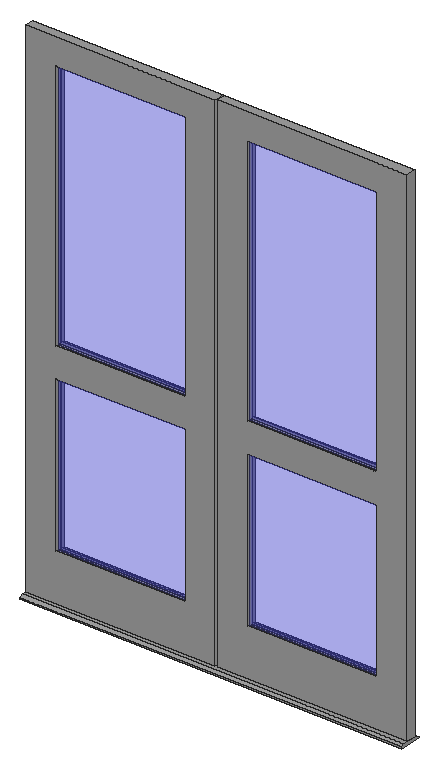
Revit family "WS-500 DOOR-Double-VIP-1-PD-SF_v05", category Curtain Panels, Revit 2015
Parameters
  Width [instance] = 6' - 2"
  VIP1 Panic Devices [instance] = no
  URL = "obe.com"
  Rough Width [instance] = 6' - 0"
  Offset [instance] = 0' - 0"
  Model = "WS-500 DOOR"
  Min Panel Width [instance] = if(Rough Width > 5' 11 255/256", Rough Width, 6' 0")  # 6' - 0"
  Manufacturer = "Oldcastle BuildingEnvelope®"
  Keynote = "08 11 00"
  Height [instance] = 8' - 0"
  Pushbar Height [instance] = 3' - 5 1/4"  # constant formula
  Glass Material = Glass
  Frame Material = Aluminum
  Door Panel Height [instance] = Height + 0' 0 13/32"  # 8' - 0 13/32"
  Description = "WS-500 - 1\" Door Infill"
  Assembly Code = "B2030\r\n"
  Analytic Construction = "<None>"
  8 Bottom Rail [instance] = yes
Reference planes (in)
  plane 1 "Front": y = 0
  plane 2: z = 0
  plane 3 "Center (Left/Right)": x = 0
  plane 4 "Left": x = -37
  plane 5 "Right": x = 37
  plane 6 "Top": z = 96
  plane 7: x = -36
  plane 8: x = 36
Text (in)
  text "Exterior" at (-54.29358, 31.38743, 0), in view "Ref. Level"
  text "Exterior" at (480, 41.53993, 89.60405), in view "Right"
  text "Exterior" at (-240, 57.82419, 105.78864), in view "Left"
Dimensions and locks (in)
  equal spacing: plane 4 "Left", plane 3 "Center (Left/Right)", plane 5 "Right"
  "Width": plane 4 "Left" to plane 5 "Right"
  "Height": plane 6 "Top" to plane 2
  equal spacing: plane 7, plane 3 "Center (Left/Right)", plane 8
  "Min Panel Width": plane 7 to plane 8
  aligned and locked: level to plane 2
  aligned and locked: plane 3 "Center (Left/Right)" to nested 1
  aligned and locked: nested 1 to plane 1 "Front"
Nested families (in)
  nested 1: "WS-500 DOOR-Double-VIP-1-PD-Panel_v04" at (0, -16, 0) x (-1, 0, 0) z (0, 0, 1), VIP1 Panic Devices <- "VIP1 Panic Devices", 8 Bottom Rail <- "8 Bottom Rail", Height <- "Door Panel Height", Width <- "Min Panel Width", Offset <- "Offset", type "WS-500 DOOR-Double-VIP-1-PD-Panel_v04"
    with Wing Width 3' - 0", built-in parameter 1001301 6' - 0", VIP2 Panic Devices yes, VIP1 Panic Devices no, Pushbar Height 3' - 5 1/4", Offset 0' - 0", built-in parameter 1001300 8' - 0 13/32", Glass at Muntin 0' - 4 15/16", Glass Material Glass, Frame Material Aluminum, Bottom Rail 0' - 9 5/32", 8 Bottom Rail yes, 10 Bottom Rail no
Definition of nested family "WS-500 DOOR-Double-VIP-1-PD-Panel_v04"
  Parameters (values of type "WS-500 DOOR-Double-VIP-1-PD-Panel_v04")
    Wing Width [instance] = Width / 2  # 3' - 0"
    Width [instance] = 6' - 0"
    VIP2 Panic Devices [instance] = not(VIP1 Panic Devices)  # no
    VIP1 Panic Devices [instance] = yes
    Offset [instance] = 0' - 10 29/32"
    Height [instance] = 8' - 0"
    Glass at Muntin [instance] = if(VIP1 Panic Devices, 0' 8 15/16", 0' 4 15/16")  # 0' - 8 15/16"
    Pushbar Height [instance] = 3' - 5 1/4"  # constant formula
    Glass Material [instance] = none
    Frame Material [instance] = none
    Bottom Rail [instance] = if([8 Bottom Rail], 0' 9 5/32", 0' 11 5/32")  # 0' - 9 5/32"
    Analytic Construction = "<None>"
    8 Bottom Rail [instance] = yes
    10 Bottom Rail [instance] = not([8 Bottom Rail])  # no
  Reference planes (in)
    plane 1 "Offset": y = 4.09375
    plane 2: z = 0
    plane 3 "Center (Left/Right)": x = 0
    plane 4: z = 96
    plane 5: x = 36
    plane 6: x = -36
    plane 7 "Center (Front/Back)": y = 16
    plane 8 "Exterior": y = 4.59375
    plane 9: z = 48
    plane 10: z = 36.78125
    plane 11: z = 45.71875
    plane 12: z = 91
    plane 13: z = 9.15625
    plane 14: y = 5.09375
    plane 15: z = 41.25
  Forms (in)
    Sweep 1, solid, material <- "Frame Material"
      path origin (0, 4.09375, 0) x (1, 0, 0) y (0, 0, 1)
        loop
          line (-35.798, 96) -> (-0.22004, 96)
      profile origin (-18.00902, 4.09375, 96) x (0, 0, 1) y (0, -1, 0)
        loop
          line (-0.40625, -0.875) -> (-0.40625, 0.875) -> (-5.28125, 0.875) -> (-5.28125, 0.5) -> (-5, 0.5) -> (-5, -0.5) -> (-5.28125, -0.5) -> (-5.28125, -0.875) -> (-0.40625, -0.875)
    Sweep 2, solid, material <- "Frame Material"
      path origin (0, 4.09375, 0) x (1, 0, 0) y (0, 0, 1)
        loop
          line (-0.22004, 0) -> (-35.798, 0)
      profile origin (-18.00902, 4.09375, 0) x (0, 0, -1) y (0, -1, 0)
        loop
          line (-9.4375, -0.875) -> (-0.6875, -0.875) -> (-0.6875, 0.875) -> (-9.4375, 0.875) -> (-9.4375, 0.5) -> (-9.15625, 0.5) -> (-9.15625, -0.5) -> (-9.4375, -0.5) -> (-9.4375, -0.875)
    Sweep 3, solid, material <- "Frame Material"
      path origin (0, 4.09375, 0) x (1, 0, 0) y (0, 0, 1)
        loop
          line (36, 95.59375) -> (36, 0.6875)
      profile origin (36, 4.09375, 48.14062) x (0, -1, 0) y (1, 0, 0)
        loop
          line (-0.875, -0.093) -> (-0.875, -5.843) -> (-0.5, -5.843) -> (-0.5, -5.56175) -> (0.5, -5.56175) -> (0.5, -5.843) -> (0.875, -5.843) -> (0.875, -0.202) -> (-0.875, -0.093)
    Sweep 4, solid, material <- "Frame Material"
      path origin (0, 4.09375, 0) x (1, 0, 0) y (0, 0, 1)
        loop
          line (-36, 95.59375) -> (-36, 0.6875)
      profile origin (-36, 4.09375, 48.14062) x (0, -1, 0) y (1, 0, 0)
        loop
          line (-0.875, 0.093) -> (0.875, 0.202) -> (0.875, 5.843) -> (0.5, 5.843) -> (0.5, 5.56175) -> (-0.5, 5.56175) -> (-0.5, 5.843) -> (-0.875, 5.843) -> (-0.875, 0.093)
    Sweep 5, solid, material <- "Frame Material"
      path origin (0, 4.09375, 0) x (1, 0, 0) y (0, 0, 1)
        loop
          line (-5.53125, 48) -> (-30.43825, 48)
      profile origin (-17.98475, 4.09375, 48) x (0, 0, -1) y (0, -1, 0)
        loop
          line (11.5, -0.875) -> (11.5, -0.5) -> (11.21875, -0.5) -> (11.21875, 0.5) -> (11.5, 0.5) -> (11.5, 0.875) -> (2, 0.875) -> (2, 0.5) -> (2.28125, 0.5) -> (2.28125, -0.5) -> (2, -0.5) -> (2, -0.875) -> (11.5, -0.875)
    Sweep 6, solid, material <- "Frame Material"
      path origin (0, 4.09375, 0) x (1, 0, 0) y (0, 0, 1)
        loop
          line (0, 95.59375) -> (0, 0.6875)
      profile origin (0, 4.09375, 48.14062) x (0, -1, 0) y (1, 0, 0)
        loop
          line (-0.875, -0.22063) -> (-0.875, -5.8125) -> (-0.5, -5.8125) -> (-0.5, -5.53125) -> (0.5, -5.53125) -> (0.5, -5.8125) -> (0.875, -5.8125) -> (0.875, -0.22063)
          arc (0.875, -0.22063) -> (0, -0.0625) -> (-0.875, -0.22063) r 2.5
        loop
          line (0.875, 5.8125) -> (0.5, 5.8125) -> (0.5, 5.53125) -> (-0.5, 5.53125) -> (-0.5, 5.8125) -> (-0.875, 5.8125) -> (-0.875, 0.22063)
          arc (-0.875, 0.22063) -> (0, 0.0625) -> (0.875, 0.22063) r 2.5
          line (0.875, 0.22063) -> (0.875, 5.8125)
    Sweep 7, solid, material <- "Frame Material"
      path origin (0, 4.09375, 0) x (1, 0, 0) y (0, 0, 1)
        loop
          line (0.22004, 96) -> (35.798, 96)
      profile origin (18.00902, 4.09375, 96) x (0, 0, 1) y (0, -1, 0)
        loop
          line (-0.40625, -0.875) -> (-0.40625, 0.875) -> (-5.28125, 0.875) -> (-5.28125, 0.5) -> (-5, 0.5) -> (-5, -0.5) -> (-5.28125, -0.5) -> (-5.28125, -0.875) -> (-0.40625, -0.875)
    Sweep 8, solid, material <- "Frame Material"
      path origin (0, 4.09375, 0) x (1, 0, 0) y (0, 0, 1)
        loop
          line (30.43825, 48) -> (5.53125, 48)
      profile origin (17.98475, 4.09375, 48) x (0, 0, -1) y (0, -1, 0)
        loop
          line (11.5, -0.875) -> (11.5, -0.5) -> (11.21875, -0.5) -> (11.21875, 0.5) -> (11.5, 0.5) -> (11.5, 0.875) -> (2, 0.875) -> (2, 0.5) -> (2.28125, 0.5) -> (2.28125, -0.5) -> (2, -0.5) -> (2, -0.875) -> (11.5, -0.875)
    Sweep 9, solid, material <- "Frame Material"
      path origin (0, 4.09375, 0) x (1, 0, 0) y (0, 0, 1)
        loop
          line (35.798, 0) -> (0.22004, 0)
      profile origin (18.00902, 4.09375, 0) x (0, 0, -1) y (0, -1, 0)
        loop
          line (-9.4375, -0.5) -> (-9.4375, -0.875) -> (-0.6875, -0.875) -> (-0.6875, 0.875) -> (-9.4375, 0.875) -> (-9.4375, 0.5) -> (-9.15625, 0.5) -> (-9.15625, -0.5) -> (-9.4375, -0.5)
    Extrusion 10, solid, material <- "Glass Material", detail levels coarse
      sketch origin (0, 0, 0) x (1, 0, 0) y (0, 1, 0)
        loop
          line (-30.43825, 4.59375) -> (-30.43825, 3.59375) -> (-5.53125, 3.59375) -> (-5.53125, 4.59375) -> (-30.43825, 4.59375)
      from 9.15625 to 36.78125
    Extrusion 11, solid, material <- "Glass Material", detail levels coarse
      sketch origin (0.31207, 0, 0) x (1, 0, 0) y (0, 1, 0)
        loop
          line (5.53125, 4.59375) -> (5.53125, 3.59375) -> (30.12618, 3.59375) -> (30.12618, 4.59375) -> (5.53125, 4.59375)
      from 9.15625 to 36.78125
    Extrusion 12, solid, material <- "Glass Material", detail levels coarse
      sketch origin (0, 0, 0) x (1, 0, 0) y (0, 1, 0)
        loop
          line (-5.53125, 4.59375) -> (-30.43825, 4.59375) -> (-30.43825, 3.59375) -> (-5.53125, 3.59375) -> (-5.53125, 4.59375)
      from 45.71875 to 91
    Extrusion 13, solid, material <- "Glass Material", detail levels coarse
      sketch origin (0, 0, 0) x (1, 0, 0) y (0, 1, 0)
        loop
          line (30.43825, 4.59375) -> (5.53125, 4.59375) -> (5.53125, 3.59375) -> (30.43825, 3.59375) -> (30.43825, 4.59375)
      from 45.71875 to 91
    Extrusion 14, solid, material <- "Glass Material", detail levels medium+fine
      sketch origin (0, 0, 0) x (1, 0, 0) y (0, 1, 0)
        loop
          line (5.53125, 3.59375) -> (30.43825, 3.59375) -> (30.43825, 3.84175) -> (5.53125, 3.84175) -> (5.53125, 3.59375)
        loop
          line (30.43825, 4.59375) -> (5.53125, 4.59375) -> (5.53125, 4.34575) -> (30.43825, 4.34575) -> (30.43825, 4.59375)
      from 9.15625 to 36.78125
    Extrusion 15, solid, material <- "Glass Material", detail levels medium+fine
      sketch origin (0, 0, 0) x (1, 0, 0) y (0, 1, 0)
        loop
          line (30.43825, 3.59375) -> (30.43825, 3.84175) -> (5.53125, 3.84175) -> (5.53125, 3.59375) -> (30.43825, 3.59375)
        loop
          line (5.53125, 4.59375) -> (5.53125, 4.34575) -> (30.43825, 4.34575) -> (30.43825, 4.59375) -> (5.53125, 4.59375)
      from 45.71875 to 91
    Extrusion 16, solid, material <- "Glass Material", detail levels medium+fine
      sketch origin (0, 0, 0) x (1, 0, 0) y (0, 1, 0)
        loop
          line (-5.53125, 3.59375) -> (-5.53125, 3.84175) -> (-30.43825, 3.84175) -> (-30.43825, 3.59375) -> (-5.53125, 3.59375)
        loop
          line (-30.43825, 4.59375) -> (-30.43825, 4.34575) -> (-5.53125, 4.34575) -> (-5.53125, 4.59375) -> (-30.43825, 4.59375)
      from 45.71875 to 91
    Extrusion 17, solid, material <- "Glass Material", detail levels medium+fine
      sketch origin (0, 0, 0) x (1, 0, 0) y (0, 1, 0)
        loop
          line (-30.43825, 3.59375) -> (-5.53125, 3.59375) -> (-5.53125, 3.84175) -> (-30.43825, 3.84175) -> (-30.43825, 3.59375)
        loop
          line (-5.53125, 4.59375) -> (-30.43825, 4.59375) -> (-30.43825, 4.34575) -> (-5.53125, 4.34575) -> (-5.53125, 4.59375)
      from 9.15625 to 36.78125
    Sweep 18, solid, material <- "Frame Material"
      path origin (0, 4.09375, 0) x (1, 0, 0) y (0, 0, 1)
        loop
          line (-35.79762, 0) -> (35.79763, 0)
      profile origin (0, 4.09375, 0) x (0, 0, 1) y (0, -1, 0)
        loop
          line (0.5, -1.1555) -> (0.5, 1.5305) -> (0.19364, 2.1875) -> (0, 2.1875) -> (0, -1.8125) -> (0.19364, -1.8125) -> (0.5, -1.1555)
  Cuts and joins
    joined: Sweep 1, Sweep 2, Sweep 3, Sweep 4, Sweep 5, Sweep 6, Sweep 7, Sweep 8, Sweep 9
  Lines and regions (in)
    model lines
      curve 1: line (5.53125, 4.59375, 91) -> (30.53125, 4.59375, 48)
      curve 2: line (30.53125, 4.59375, 48) -> (5.53125, 4.59375, 9.15625)
      curve 3: line (-5.53125, 4.59375, 91) -> (-30.53125, 4.59375, 48)
      curve 4: line (-30.53125, 4.59375, 48) -> (-5.53125, 4.59375, 9.15625)
  Dimensions and locks (in)
    "Height": plane 4 to level
    "Width": plane 6 to plane 5
    "Offset": plane 14 to plane 7 "Center (Front/Back)"
    equal spacing: level, plane 9, plane 4
    locked: Sweep 2 sketch curve to plane 6 at 0.202
    locked: plane 3 "Center (Left/Right)" to Sweep 2 sketch curve at 0.22004
    locked: Sweep 3 sketch curve to plane 4 at 0.40625
    locked: Sweep 4 sketch curve to plane 4 at 0.40625
    locked: Sweep 1 sketch curve to plane 6 at 0.202
    locked: plane 3 "Center (Left/Right)" to Sweep 1 sketch curve at 0.22004
    locked: plane 3 "Center (Left/Right)" to Sweep 5 sketch curve at 5.53125
    locked: Sweep 5 sketch curve to plane 6 at 5.56175
    locked: Sweep 7 sketch curve to plane 3 "Center (Left/Right)" at 0.22004
    locked: plane 5 to Sweep 7 sketch curve at 0.202
    locked: plane 5 to Sweep 8 sketch curve at 5.56175
    locked: Sweep 8 sketch curve to plane 3 "Center (Left/Right)" at 5.53125
    locked: plane 5 to Sweep 9 sketch curve at 0.202
    locked: Sweep 9 sketch curve to plane 3 "Center (Left/Right)" at 0.22004
    "Bottom Rail": level to Extrusion 10
    Extrusion 11 sketch curve to plane 1 "Offset" to Extrusion 11 sketch curve = 0' - 0 1/2", 0' - 0 1/2"
    plane 3 "Center (Left/Right)" to Extrusion 11 sketch curve = 0' - 5.84332"
    Extrusion 10 sketch curve to plane 1 "Offset" to Extrusion 10 sketch curve = 0' - 0 1/2" locked, 0' - 0 1/2" locked
    locked: Extrusion 10 sketch curve to plane 3 "Center (Left/Right)" at 5.53125
    locked: Extrusion 12 sketch curve to plane 3 "Center (Left/Right)" at 5.53125
    Extrusion 12 sketch curve to plane 1 "Offset" to Extrusion 12 sketch curve = 0' - 0 1/2" locked, 0' - 0 1/2" locked
    Extrusion 13 sketch curve to plane 1 "Offset" to Extrusion 13 sketch curve = 0' - 0 1/2" locked, 0' - 0 1/2" locked
    locked: plane 3 "Center (Left/Right)" to Extrusion 13 sketch curve at 5.53125
    "Glass at Muntin": plane 10 to plane 11
    locked: plane 12 to plane 4 at 5
    locked: Sweep 8 sketch curve to plane 10 at 0.28125  (x2)
    locked: plane 11 to Sweep 8 sketch curve at 0.28125  (x2)
    locked: plane 13 to Sweep 9 sketch curve at 0.28125  (x2)
    locked: plane 3 "Center (Left/Right)" to Extrusion 14 sketch curve at 5.53125  (x2)
    Extrusion 14 sketch curve to Extrusion 14 sketch curve to plane 1 "Offset" to Extrusion 14 sketch curve to Extrusion 14 sketch curve = 0' - 0.248" locked, 0' - 0.252" locked, 0' - 0.252" locked, 0' - 0.248" locked
    Extrusion 15 sketch curve to Extrusion 15 sketch curve to plane 1 "Offset" to Extrusion 15 sketch curve to Extrusion 15 sketch curve = 0' - 0.248" locked, 0' - 0.252" locked, 0' - 0.252" locked, 0' - 0.248" locked
    locked: plane 3 "Center (Left/Right)" to Extrusion 15 sketch curve at 5.53125  (x2)
    locked: Sweep 5 sketch curve to plane 10 at 0.28125  (x2)
    locked: plane 11 to Sweep 5 sketch curve at 0.28125  (x2)
    locked: Extrusion 16 sketch curve to plane 3 "Center (Left/Right)" at 5.53125  (x2)
    Extrusion 17 sketch curve to Extrusion 17 sketch curve to plane 1 "Offset" to Extrusion 17 sketch curve to Extrusion 17 sketch curve = 0' - 0.248" locked, 0' - 0.252" locked, 0' - 0.252" locked, 0' - 0.248" locked
    locked: Extrusion 17 sketch curve to plane 3 "Center (Left/Right)" at 5.53125  (x2)
    locked: plane 13 to Sweep 2 sketch curve at 0.28125  (x2)
    plane 1 "Offset" to plane 8 "Exterior" to plane 14 = 0' - 0 1/2" locked, 0' - 0 1/2" locked
    locked: plane 4 to Sweep 6 sketch curve at 0.40625
    locked: plane 6 to Extrusion 16 sketch curve at 5.56175  (x2)
    locked: plane 6 to Extrusion 12 sketch curve at 5.56175
    locked: plane 6 to Extrusion 17 sketch curve at 5.56175  (x2)
    locked: plane 6 to Extrusion 10 sketch curve at 5.56175
    locked: Extrusion 15 sketch curve to plane 5 at 5.56175  (x2)
    locked: Extrusion 13 sketch curve to plane 5 at 5.56175
    Extrusion 14 sketch curve to plane 5 = 0' - 5.56175"  (x2)
    locked: Extrusion 11 sketch curve to plane 5 at 5.56175
    "Bottom Rail": plane 2 to plane 13
    equal spacing: plane 6, plane 3 "Center (Left/Right)", plane 5
    Extrusion 16 sketch curve to Extrusion 16 sketch curve to plane 1 "Offset" to Extrusion 16 sketch curve to Extrusion 16 sketch curve = 0' - 0.248" locked, 0' - 0.252" locked, 0' - 0.252" locked, 0' - 0.248" locked
    equal spacing: plane 10, plane 15, plane 11
    "Pushbar Height": plane 2 to plane 15
    locked: plane 5 to Sweep 18 sketch curve at 0.20237
    locked: Sweep 18 sketch curve to plane 6 at 0.20238
    locked: Sweep 4 sketch curve to plane 2 at 0.6875
    locked: Sweep 6 sketch curve to plane 2 at 0.6875
    locked: Sweep 3 sketch curve to plane 2 at 0.6875
    aligned and locked: plane 2 to level
    aligned and locked: Sweep 1 sketch curve to plane 4
    aligned and locked: Sweep 2 sketch curve to level
    aligned and locked: plane 5 to Sweep 3 sketch curve
    aligned and locked: plane 6 to Sweep 4 sketch curve
    aligned and locked: Sweep 5 sketch curve to plane 9
    aligned and locked: plane 3 "Center (Left/Right)" to Sweep 6 sketch curve
    aligned and locked: Sweep 9 sketch curve to level
    aligned and locked: Sweep 8 sketch curve to plane 9
    aligned and locked: plane 4 to Sweep 7 sketch curve
    aligned and locked: plane 11 to Sweep 8 sketch curve
    aligned and locked: Sweep 8 sketch curve to plane 10
    aligned and locked: Sweep 9 sketch curve to plane 13
    aligned and locked: Extrusion 11 to plane 10
    aligned and locked: plane 13 to Extrusion 11
    aligned and locked: plane 13 to Extrusion 14
    aligned and locked: Extrusion 14 to plane 10
    aligned and locked: plane 11 to Extrusion 13
    aligned and locked: Extrusion 13 to plane 12
    aligned and locked: Extrusion 15 to plane 12
    aligned and locked: plane 11 to Extrusion 15
    aligned and locked: plane 11 to Sweep 5 sketch curve
    aligned and locked: Sweep 5 sketch curve to plane 10
    aligned and locked: plane 11 to Extrusion 12
    aligned and locked: plane 11 to Extrusion 16
    aligned and locked: Extrusion 12 to plane 12
    aligned and locked: Extrusion 16 to plane 12
    aligned and locked: Extrusion 17 to plane 10
    aligned and locked: Extrusion 10 to plane 10
    aligned and locked: plane 13 to Sweep 2 sketch curve
    aligned and locked: cut or joined group of Sweep 1, Sweep 2, Sweep 3, Sweep 4, Sweep 5, Sweep 6, Sweep 7, Sweep 8, Sweep 9 to curve 2
    aligned and locked: cut or joined group of Sweep 1, Sweep 2, Sweep 3, Sweep 4, Sweep 5, Sweep 6, Sweep 7, Sweep 8, Sweep 9 to curve 1
    aligned and locked: cut or joined group of Sweep 1, Sweep 2, Sweep 3, Sweep 4, Sweep 5, Sweep 6, Sweep 7, Sweep 8, Sweep 9 to curve 3
    aligned and locked: cut or joined group of Sweep 1, Sweep 2, Sweep 3, Sweep 4, Sweep 5, Sweep 6, Sweep 7, Sweep 8, Sweep 9 to curve 4
    aligned and locked: plane 9 to curve 3
    aligned and locked: plane 9 to curve 2
    aligned and locked: plane 13 to Extrusion 17
    aligned and locked: Sweep 18 sketch curve to plane 2
  Automatic sketch dimensions
    Sweep 4 sketch curve to plane 1 "Offset" = 0' - 0 7/8"
    Sweep 4 sketch curve to profile plane = 0' - 0.093"
    plane 1 "Offset" to Sweep 4 sketch curve = 0' - 0 7/8"
    Sweep 4 sketch curve to Sweep 4 sketch curve = 0' - 0.109"
    Sweep 4 sketch curve to Sweep 4 sketch curve = 0' - 5 3/4"
    Sweep 4 sketch curve to Sweep 4 sketch curve = 0' - 0"
    Sweep 4 sketch curve to Sweep 4 sketch curve = 0' - 0 3/8"  (x2)
    Sweep 4 sketch curve to Sweep 4 sketch curve = 0' - 0 9/32"
    plane 1 "Offset" to Sweep 6 sketch curve = 0' - 0"
    profile plane to Sweep 6 sketch curve = 0' - 0.22063"  (x2)
    Sweep 6 sketch curve to Sweep 6 sketch curve = 0' - 2.34187"  (x2)
    Sweep 6 sketch curve to Sweep 6 sketch curve = 0' - 3 1/4"
    Sweep 6 sketch curve to Sweep 6 sketch curve = 0' - 0 3/8"  (x4)
    Sweep 6 sketch curve to Sweep 6 sketch curve = 0' - 0 9/32"  (x4)
    plane 1 "Offset" to Sweep 6 sketch curve = 0' - 0 1/2"
    plane 1 "Offset" to Sweep 6 sketch curve = 0' - 0 7/8"
    Sweep 6 sketch curve to profile plane = 0' - 5 13/16"
    Sweep 6 sketch curve to profile plane = 0' - 0.22063"  (x2)
    Sweep 6 sketch curve to plane 1 "Offset" = 0' - 0 1/2"
    Sweep 3 sketch curve to plane 1 "Offset" = 0' - 0 7/8"
    profile plane to Sweep 3 sketch curve = 0' - 0.202"
    Sweep 3 sketch curve to Sweep 3 sketch curve = 0' - 0.109"
    Sweep 3 sketch curve to Sweep 3 sketch curve = 0' - 5 3/4"
    Sweep 3 sketch curve to Sweep 3 sketch curve = 0' - 0 3/8"  (x2)
    Sweep 3 sketch curve to Sweep 3 sketch curve = 0' - 0 9/32"  (x2)
    plane 1 "Offset" to Sweep 3 sketch curve = 0' - 0 1/2"
    Sweep 8 sketch curve to plane 1 "Offset" = 0' - 0 7/8"
    Sweep 8 sketch curve to Sweep 8 sketch curve = 0' - 0 3/8"  (x4)
    plane 1 "Offset" to Sweep 8 sketch curve = 0' - 0 1/2"
    Sweep 9 sketch curve to Sweep 9 sketch curve = 0' - 0 3/8"  (x2)
    plane 1 "Offset" to Sweep 9 sketch curve = 0' - 0 1/2"
    profile plane to Sweep 9 sketch curve = 0' - 0 11/16"
    profile plane to Sweep 1 sketch curve = 0' - 0 13/32"
    Sweep 1 sketch curve to plane 1 "Offset" = 0' - 0 7/8"
    Sweep 1 sketch curve to Sweep 1 sketch curve = 0' - 4 7/8"
    plane 1 "Offset" to Sweep 1 sketch curve = 0' - 0 7/8"
    Sweep 1 sketch curve to Sweep 1 sketch curve = 0' - 0"
    Sweep 1 sketch curve to Sweep 1 sketch curve = 0' - 0 3/8"  (x2)
    Sweep 1 sketch curve to Sweep 1 sketch curve = 0' - 0 9/32"
    plane 1 "Offset" to Sweep 5 sketch curve = 0' - 0 7/8"
    Sweep 5 sketch curve to plane 1 "Offset" = 0' - 0 1/2"
    Sweep 5 sketch curve to Sweep 5 sketch curve = 0' - 0 3/8"  (x4)
    profile plane to Sweep 7 sketch curve = 0' - 0 13/32"
    Sweep 7 sketch curve to plane 1 "Offset" = 0' - 0 7/8"
    Sweep 7 sketch curve to Sweep 7 sketch curve = 0' - 4 7/8"
    plane 1 "Offset" to Sweep 7 sketch curve = 0' - 0 7/8"
    Sweep 7 sketch curve to Sweep 7 sketch curve = 0' - 0"
    Sweep 7 sketch curve to Sweep 7 sketch curve = 0' - 0 3/8"  (x2)
    Sweep 7 sketch curve to Sweep 7 sketch curve = 0' - 0 9/32"
    profile plane to Sweep 2 sketch curve = 0' - 0 11/16"
    Sweep 2 sketch curve to Sweep 2 sketch curve = 0' - 0 3/8"  (x2)
    plane 1 "Offset" to Sweep 2 sketch curve = 0' - 0 7/8"
    curve 2 to plane 13 = 0' - 0"
    curve 4 to plane 13 = 0' - 0"
    curve 3 to plane 12 = 0' - 0"
    curve 1 to plane 12 = 0' - 0"
    plane 6 to curve 3 = 0' - 5 15/32"
    curve 2 to plane 5 = 0' - 5 15/32"
    Sweep 2 sketch curve to plane 1 "Offset" = 0' - 0 7/8"
    Sweep 9 sketch curve to plane 1 "Offset" = 0' - 0 7/8"
    Sweep 18 sketch curve to profile plane = 0' - 0 1/2"
    Sweep 18 sketch curve to plane 1 "Offset" = 0' - 1.1555"
    Sweep 18 sketch curve to profile plane = 0' - 0.19364"  (x2)
    Sweep 18 sketch curve to Sweep 18 sketch curve = 0' - 0.657"  (x2)
    plane 1 "Offset" to Sweep 18 sketch curve = 0' - 1.5305"
    Sweep 18 sketch curve to profile plane = 0' - 0"
